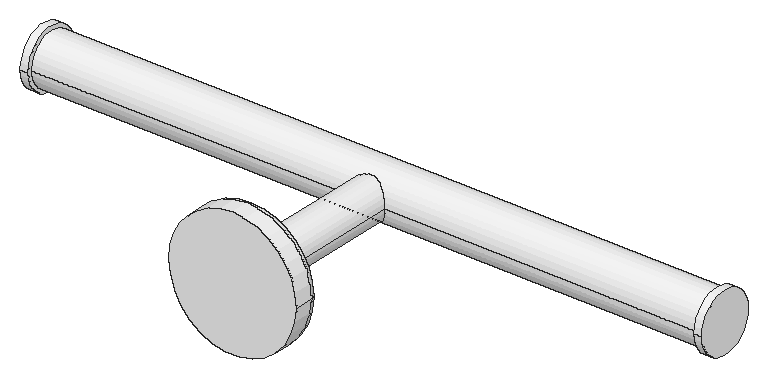
Revit family "SA-2010_SPEAKMAN_NEO-DOUBLE PAPER HOLDER", category Plumbing Equipment, host Wall, Revit 2023
Family settings
  Host = Wall
  Round Connector Dimension = Use Diameter
  Classification = None
  Part Type = Normal
  Always vertical = Yes
  Cut with Voids When Loaded = No
  Maintain Annotation Orientation = No
  Shared = No
  Room Calculation Point = No
Parameters
  WIDTH = 0' - 11 11/16"
  MATERIAL_SA-2010 = MATERIAL_SA-2010
  LENGTH = 0' - 2 3/16"
  Default Elevation = 0' - 0"
  DEPTH = 0' - 3 3/4"
Reference planes (in)
  plane 1: y = 0
  plane 2 "Center (Left/Right)": x = 0
  plane 3 "Wall Edge": y = 3
  plane 4: x = -5.84375
  plane 5: x = 5.84375
  plane 6: z = 69.71501
  plane 7: z = 71.90251
  plane 8: y = 6.75
  plane 9: y = 3
  plane 10: x = 5.71273
  plane 11: y = 6.74967
  plane 12: y = 5.74967
  plane 13: x = -5.84375
  plane 14: x = 5.84375
  plane 15: x = -1.09375
  plane 16: x = 1.09375
  plane 17: y = 3.4375
  plane 18: x = -5.71273
Forms (in)
  Extrusion 1, solid, material "MATERIAL_SA-2010" <- "MATERIAL_SA-2010"
    sketch origin (0, -0.0625, 0) x (0, 1, 0) y (0, 0, 1)
      loop
        circle (6.31217, 70.84004) r 0.43443
    from -5.84375 to 5.84375
  Extrusion 2, solid, material "MATERIAL_SA-2010" <- "MATERIAL_SA-2010"
    sketch origin (0, -0.0625, 0) x (0, 1, 0) y (0, 0, 1)
      loop
        circle (6.31217, 70.84004) r 0.5
    from -5.84375 to -5.71273
  Extrusion 3, solid, material "MATERIAL_SA-2010" <- "MATERIAL_SA-2010"
    sketch origin (11.52523, -0.0625, 0) x (0, 1, 0) y (0, 0, 1)
      loop
        circle (6.31217, 70.84004) r 0.5
    from -5.8125 to -5.68148
  Extrusion 4, solid, material "MATERIAL_SA-2010" <- "MATERIAL_SA-2010"
    sketch origin (0, 3, 0) x (1, 0, 0) y (0, 0, 1)
      loop
        circle (0, 70.83183) r 0.34698
    from -3.25953 to -0.4375
  Extrusion 5, solid, material "MATERIAL_SA-2010" <- "MATERIAL_SA-2010"
    sketch origin (0, 3, 0) x (1, 0, 0) y (0, 0, 1)
      loop
        circle (0, 70.81233) r 1.09375
    from -0.4375 to 0
  Sweep 6, void
    path in 3D
      loop
        arc (1.09375, 3.4375, 70.81233) -> (0, 3.4375, 71.90608) -> (-1.09375, 3.4375, 70.81233) r 1.09375
        arc (-1.09375, 3.4375, 70.81233) -> (0, 3.4375, 69.71858) -> (1.09375, 3.4375, 70.81233) r 1.09375
    profile origin (0, 3.4375, 69.71858) x (0, 0, -1) y (0, 1, 0)
      loop
        arc (-0.11788, 0) -> (-0.03453, -0.03453) -> (0, -0.11788) r 0.11788
        line (0, -0.11788) -> (0, 0) -> (-0.11788, 0)
Cuts and joins
  joined: Extrusion 1, Extrusion 2, Extrusion 3, Extrusion 4
  Sweep 6 cuts Extrusion 5
Lines and regions (in)
  sketch lines
    curve 1: arc (-1.09375, 3.4375, 70.81233) -> (0, 3.4375, 69.71858) -> (1.09375, 3.4375, 70.81233) r 1.09375
    curve 2: arc (1.09375, 3.4375, 70.81233) -> (0, 3.4375, 71.90608) -> (-1.09375, 3.4375, 70.81233) r 1.09375
Text (in)
  text "Placement Side" at (0, 40.15149, 123.01588), in view "Right"
  text "Placement Side" at (-70.3804, 28.46503, 0), in view "Ref. Level"
  text "Placement Side" at (0, 81.62555, 140.59947), in view "Left"
Dimensions and locks (in)
  locked: plane 3 "Wall Edge" to host wall
  plane 5 to plane 4 = 0' - 11 11/16"
  plane 6 to plane 7 = 0' - 2 3/16"
  plane 8 to plane 9 = 0' - 3 3/4"
  equal spacing: plane 5, plane 2 "Center (Left/Right)", plane 4
  plane 3 "Wall Edge" to plane 11 = 0' - 3.74967"
  plane 7 to plane 6 = 0' - 2 3/16"  (x2)
  plane 9 to plane 11 = 0' - 3.74967"
  plane 12 to plane 11 = 0' - 1"
  plane 11 to plane 12 = 0' - 1"
  plane 13 to plane 14 = 0' - 11 11/16"
  plane 15 to plane 16 = 0' - 2 3/16"
  plane 17 to plane 9 = 0' - 0 7/16"
  plane 9 to plane 17 = 0' - 0 7/16"
  plane 16 to plane 15 = 0' - 2 3/16"
  diameter of Extrusion 5 sketch curve = 0' - 2 3/16"
  aligned and locked: cut or joined group of Extrusion 1, Extrusion 2, Extrusion 3, Extrusion 4 to plane 4  (x6)
  aligned and locked: plane 5 to cut or joined group of Extrusion 1, Extrusion 2, Extrusion 3, Extrusion 4  (x7)
  aligned and locked: cut or joined group of Extrusion 1, Extrusion 2, Extrusion 3, Extrusion 4 to plane 10  (x6)
Automatic sketch dimensions
  Extrusion 1 sketch curve to plane 11 = 0' - 0 1/2"
  Extrusion 1 sketch curve to plane 7 = 0' - 1.06247"
  Extrusion 2 sketch curve to plane 11 = 0' - 0 1/2"
  Extrusion 2 sketch curve to plane 7 = 0' - 1.06247"
  Extrusion 3 sketch curve to plane 11 = 0' - 0 1/2"
  Extrusion 3 sketch curve to plane 7 = 0' - 1.06247"
  Extrusion 4 sketch curve to plane 2 "Center (Left/Right)" = 0' - 0"
  Extrusion 4 sketch curve to plane 7 = 0' - 1.07068"
  Extrusion 5 sketch curve to plane 2 "Center (Left/Right)" = 0' - 0"
  Extrusion 5 sketch curve to plane 7 = 0' - 1.09018"
  Sweep 6 sketch curve to profile plane = 0' - 0"  (x2)
  Sweep 6 sketch curve to Sweep 6 sketch curve = 0' - 0.11788"
  radius of Extrusion 1 sketch curve = 0' - 0.43443"
  radius of Extrusion 2 sketch curve = 0' - 0 1/2"
  radius of Extrusion 3 sketch curve = 0' - 0 1/2"
  radius of Extrusion 4 sketch curve = 0' - 0.34698"
